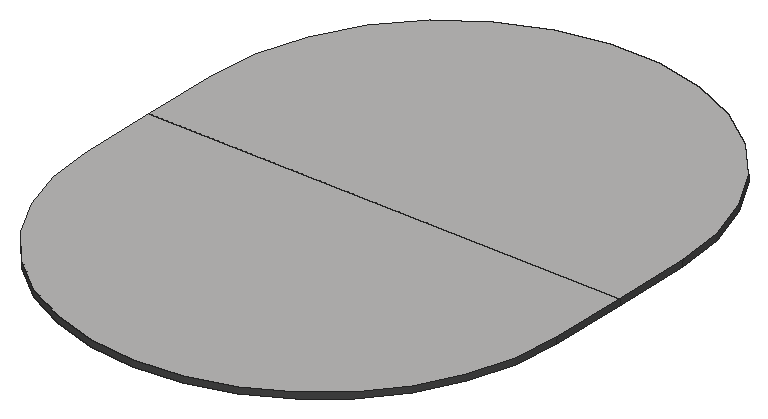
Revit family "22M 60 Elongated", category Furniture, Revit 2016
Family settings
  OmniClass Number = 23.40.20.00
  OmniClass Title = General Furniture and Specialties
  Work Plane-Based = No
  Always vertical = Yes
  Cut with Voids When Loaded = No
  Shared = No
  Room Calculation Point = No
Parameters
  Top [instance] = Palmer Hamilton Lt Gry
  Open [instance] = yes
  Height [instance] = 2' - 5"
  Frame [instance] = Palmer Hamilton Black
  Edge [instance] = Palmer Hamilton - Edge
  Closed [instance] = not(Open)  # no
Reference planes (in)
  plane 1 "Center Front/Back": y = 0
  plane 2: z = 0
  plane 3 "Center Left/Right": x = 0
  plane 4: z = 29
  plane 5: z = 28.1875
  plane 6: z = 26.0625
Forms (in)
  Extrusion 1, solid, material "Palmer Hamilton Black" <- "Frame", visible <- "Open"
    sketch origin (0, 0, 0) x (1, 0, 0) y (0, 1, 0)
      loop
        line (-23.80109, -5.0625) -> (-23.80109, -8.21742) -> (-19.2566, -19.18879) -> (0, -27.16514) -> (19.2566, -19.18879) -> (23.80109, -8.21742) -> (23.80109, -5.0625) -> (23.30109, -5.0625) -> (23.30109, -8.11796) -> (18.87392, -18.80611) -> (0, -26.62394) -> (-18.87392, -18.80611) -> (-23.30109, -8.11796) -> (-23.30109, -5.0625) -> (-23.80109, -5.0625)
    from 26.0625 to 28.1875
  Extrusion 2, solid, visible <- "Open"
    sketch origin (0, 0, 0) x (1, 0, 0) y (0, 1, 0)
      loop
        arc (-30, -10) -> (0, -40) -> (30, -10) r 30
        line (30, -10) -> (30, -0.0625) -> (-30, -0.0625) -> (-30, -10)
    from 28.1875 to 29
  Extrusion 3, solid, material "Palmer Hamilton Black" <- "Frame", visible <- "Closed"
    sketch origin (0, 25.42381, 40.57565) x (1, 0, 0) y (0, 0.017452, 0.999848)
      loop
        line (-23.80109, -5.0625) -> (-23.80109, -8.21742) -> (-19.2566, -19.18879) -> (0, -27.16514) -> (19.2566, -19.18879) -> (23.80109, -8.21742) -> (23.80109, -5.0625) -> (23.30109, -5.0625) -> (23.30109, -8.11796) -> (18.87392, -18.80611) -> (0, -26.62394) -> (-18.87392, -18.80611) -> (-23.30109, -8.11796) -> (-23.30109, -5.0625) -> (-23.80109, -5.0625)
    from 26.0625 to 28.1875
  Extrusion 4, solid, visible <- "Closed"
    sketch origin (0, 25.42381, 40.57565) x (1, 0, 0) y (0, 0.017452, 0.999848)
      loop
        arc (-30, -10) -> (0, -40) -> (30, -10) r 30
        line (30, -10) -> (30, -0.0625) -> (-30, -0.0625) -> (-30, -10)
    from 28.1875 to 29
  Extrusion 5, solid, material "Palmer Hamilton Black" <- "Frame", visible <- "Open"
    sketch origin (0, 0, 0) x (-1, 0, 0) y (0, -1, 0)
      loop
        line (-23.80109, -5.0625) -> (-23.80109, -8.21742) -> (-19.2566, -19.18879) -> (0, -27.16514) -> (19.2566, -19.18879) -> (23.80109, -8.21742) -> (23.80109, -5.0625) -> (23.30109, -5.0625) -> (23.30109, -8.11796) -> (18.87392, -18.80611) -> (0, -26.62394) -> (-18.87392, -18.80611) -> (-23.30109, -8.11796) -> (-23.30109, -5.0625) -> (-23.80109, -5.0625)
    from 26.0625 to 28.1875
  Extrusion 6, solid, visible <- "Open"
    sketch origin (0, 0, 0) x (-1, 0, 0) y (0, -1, 0)
      loop
        arc (-30, -10) -> (0, -40) -> (30, -10) r 30
        line (30, -10) -> (30, -0.0625) -> (-30, -0.0625) -> (-30, -10)
    from 28.1875 to 29
  Extrusion 7, solid, material "Palmer Hamilton Black" <- "Frame", visible <- "Closed"
    sketch origin (0, -25.42381, 40.57565) x (-1, 0, 0) y (0, -0.017452, 0.999848)
      loop
        line (-23.80109, -5.0625) -> (-23.80109, -8.21742) -> (-19.2566, -19.18879) -> (0, -27.16514) -> (19.2566, -19.18879) -> (23.80109, -8.21742) -> (23.80109, -5.0625) -> (23.30109, -5.0625) -> (23.30109, -8.11796) -> (18.87392, -18.80611) -> (0, -26.62394) -> (-18.87392, -18.80611) -> (-23.30109, -8.11796) -> (-23.30109, -5.0625) -> (-23.80109, -5.0625)
    from 26.0625 to 28.1875
  Extrusion 8, solid, visible <- "Closed"
    sketch origin (0, -25.42381, 40.57565) x (-1, 0, 0) y (0, -0.017452, 0.999848)
      loop
        arc (-30, -10) -> (0, -40) -> (30, -10) r 30
        line (30, -10) -> (30, -0.0625) -> (-30, -0.0625) -> (-30, -10)
    from 28.1875 to 29
  Extrusion 9, solid, material "Palmer Hamilton Black" <- "Frame", visible <- "Open"
    sketch origin (0, -0.04778, 5) x (0, 1, 0) y (0, 0, 1)
      loop
        line (0.5625, 20.44279) -> (0.5625, 22.17483) -> (-1.05432, 22.17483) -> (-1.05432, 22.61495) -> (-2.319, 22.61495) -> (-2.319, 23.1875) -> (-7.8464, 23.1875) -> (-7.8464, 21.04911) -> (-4.819, 21.04911) -> (-4.12777, 20.56511) -> (-2.19922, 20.56511)
        arc (-2.19922, 20.56511) -> (-1.96819, 20.47396) -> (-1.80353, 20.28804) r 0.53311
        line (-1.80353, 20.28804) -> (-1.74766, 20.07952)
        arc (-1.74766, 20.07952) -> (-1.6893, 19.93864) -> (-1.54842, 19.88029) r 0.19923
        line (-1.54842, 19.88029) -> (0, 19.88029)
        arc (0, 19.88029) -> (0.39775, 20.04504) -> (0.5625, 20.44279) r 0.5625
    from 23.6148 to 23.7344
  Extrusion 10, solid, material "Palmer Hamilton Black" <- "Frame", visible <- "Closed"
    sketch origin (0, 23.38594, 40.67249) x (0, 0.017452, 0.999848) y (0, -0.999848, 0.017452)
      loop
        line (-2.43704, 23.39043) -> (-2.43704, 25.12248) -> (-4.05386, 25.12248) -> (-4.05386, 25.5626) -> (-5.31854, 25.5626) -> (-5.31854, 26.13514) -> (-14.81854, 26.13514) -> (-14.81854, 23.99675) -> (-7.81854, 23.99675) -> (-7.12731, 23.51275) -> (-5.19876, 23.51275)
        arc (-5.19876, 23.51275) -> (-4.96774, 23.4216) -> (-4.80307, 23.23569) r 0.53311
        line (-4.80307, 23.23569) -> (-4.7472, 23.02716)
        arc (-4.7472, 23.02716) -> (-4.68885, 22.88628) -> (-4.54797, 22.82793) r 0.19923
        line (-4.54797, 22.82793) -> (-2.99954, 22.82793)
        arc (-2.99954, 22.82793) -> (-2.6018, 22.99268) -> (-2.43704, 23.39043) r 0.5625
    from 23.6148 to 23.7344
  Extrusion 11, solid, material "Palmer Hamilton Black" <- "Frame", visible <- "Open"
    sketch origin (0, -0.04778, 5) x (0, -1, 0) y (0, 0, 1)
      loop
        line (0.5625, 20.44279) -> (0.5625, 22.17483) -> (-1.05432, 22.17483) -> (-1.05432, 22.61495) -> (-2.319, 22.61495) -> (-2.319, 23.1875) -> (-8.14134, 23.1875) -> (-8.14134, 21.04911) -> (-4.819, 21.04911) -> (-4.12777, 20.56511) -> (-2.19922, 20.56511)
        arc (-2.19922, 20.56511) -> (-1.96819, 20.47396) -> (-1.80353, 20.28804) r 0.53311
        line (-1.80353, 20.28804) -> (-1.74766, 20.07952)
        arc (-1.74766, 20.07952) -> (-1.6893, 19.93864) -> (-1.54842, 19.88029) r 0.19923
        line (-1.54842, 19.88029) -> (0, 19.88029)
        arc (0, 19.88029) -> (0.39775, 20.04504) -> (0.5625, 20.44279) r 0.5625
    from -23.8544 to -23.7344
  Extrusion 12, solid, material "Palmer Hamilton Black" <- "Frame", visible <- "Closed"
    sketch origin (0, -23.48151, 40.67249) x (0, -0.017452, 0.999848) y (0, 0.999848, 0.017452)
      loop
        line (-2.43704, 23.39043) -> (-2.43704, 25.12248) -> (-4.05386, 25.12248) -> (-4.05386, 25.5626) -> (-5.31854, 25.5626) -> (-5.31854, 26.13514) -> (-14.81854, 26.13514) -> (-14.81854, 23.99675) -> (-7.81854, 23.99675) -> (-7.12731, 23.51275) -> (-5.19876, 23.51275)
        arc (-5.19876, 23.51275) -> (-4.96774, 23.4216) -> (-4.80307, 23.23569) r 0.53311
        line (-4.80307, 23.23569) -> (-4.7472, 23.02716)
        arc (-4.7472, 23.02716) -> (-4.68885, 22.88628) -> (-4.54797, 22.82793) r 0.19923
        line (-4.54797, 22.82793) -> (-2.99954, 22.82793)
        arc (-2.99954, 22.82793) -> (-2.6018, 22.99268) -> (-2.43704, 23.39043) r 0.5625
    from -23.8544 to -23.7344
  Extrusion 13, solid, material "Palmer Hamilton Black" <- "Frame", visible <- "Open"
    sketch origin (0, -0.04778, 5) x (0, 1, 0) y (0, 0, 1)
      loop
        line (0.5625, 20.44279) -> (0.5625, 22.17483) -> (-1.05432, 22.17483) -> (-1.05432, 22.61495) -> (-2.319, 22.61495) -> (-2.319, 23.1875) -> (-7.8464, 23.1875) -> (-7.8464, 21.04911) -> (-4.819, 21.04911) -> (-4.12777, 20.56511) -> (-2.19922, 20.56511)
        arc (-2.19922, 20.56511) -> (-1.96819, 20.47396) -> (-1.80353, 20.28804) r 0.53311
        line (-1.80353, 20.28804) -> (-1.74766, 20.07952)
        arc (-1.74766, 20.07952) -> (-1.6893, 19.93864) -> (-1.54842, 19.88029) r 0.19923
        line (-1.54842, 19.88029) -> (0, 19.88029)
        arc (0, 19.88029) -> (0.39775, 20.04504) -> (0.5625, 20.44279) r 0.5625
    from 17.25 to 17.375
  Extrusion 14, solid, material "Palmer Hamilton Black" <- "Frame", visible <- "Open"
    sketch origin (0, -0.04778, 5) x (0, -1, 0) y (0, 0, 1)
      loop
        line (0.5625, 20.44279) -> (0.5625, 22.17483) -> (-1.05432, 22.17483) -> (-1.05432, 22.61495) -> (-2.319, 22.61495) -> (-2.319, 23.1875) -> (-8.14134, 23.1875) -> (-8.14134, 21.04911) -> (-4.819, 21.04911) -> (-4.12777, 20.56511) -> (-2.19922, 20.56511)
        arc (-2.19922, 20.56511) -> (-1.96819, 20.47396) -> (-1.80353, 20.28804) r 0.53311
        line (-1.80353, 20.28804) -> (-1.74766, 20.07952)
        arc (-1.74766, 20.07952) -> (-1.6893, 19.93864) -> (-1.54842, 19.88029) r 0.19923
        line (-1.54842, 19.88029) -> (0, 19.88029)
        arc (0, 19.88029) -> (0.39775, 20.04504) -> (0.5625, 20.44279) r 0.5625
    from -17.5 to -17.375
  Extrusion 15, solid, material "Palmer Hamilton Black" <- "Frame", visible <- "Closed"
    sketch origin (0, 23.38594, 40.67249) x (0, 0.017452, 0.999848) y (0, -0.999848, 0.017452)
      loop
        line (-2.43704, 23.39043) -> (-2.43704, 25.12248) -> (-4.05386, 25.12248) -> (-4.05386, 25.5626) -> (-5.31854, 25.5626) -> (-5.31854, 26.13514) -> (-14.81854, 26.13514) -> (-14.81854, 23.99675) -> (-7.81854, 23.99675) -> (-7.12731, 23.51275) -> (-5.19876, 23.51275)
        arc (-5.19876, 23.51275) -> (-4.96774, 23.4216) -> (-4.80307, 23.23569) r 0.53311
        line (-4.80307, 23.23569) -> (-4.7472, 23.02716)
        arc (-4.7472, 23.02716) -> (-4.68885, 22.88628) -> (-4.54797, 22.82793) r 0.19923
        line (-4.54797, 22.82793) -> (-2.99954, 22.82793)
        arc (-2.99954, 22.82793) -> (-2.6018, 22.99268) -> (-2.43704, 23.39043) r 0.5625
    from 17.25 to 17.375
  Extrusion 16, solid, material "Palmer Hamilton Black" <- "Frame", visible <- "Closed"
    sketch origin (0, -23.48151, 40.67249) x (0, -0.017452, 0.999848) y (0, 0.999848, 0.017452)
      loop
        line (-2.43704, 23.39043) -> (-2.43704, 25.12248) -> (-4.05386, 25.12248) -> (-4.05386, 25.5626) -> (-5.31854, 25.5626) -> (-5.31854, 26.13514) -> (-14.81854, 26.13514) -> (-14.81854, 23.99675) -> (-7.81854, 23.99675) -> (-7.12731, 23.51275) -> (-5.19876, 23.51275)
        arc (-5.19876, 23.51275) -> (-4.96774, 23.4216) -> (-4.80307, 23.23569) r 0.53311
        line (-4.80307, 23.23569) -> (-4.7472, 23.02716)
        arc (-4.7472, 23.02716) -> (-4.68885, 22.88628) -> (-4.54797, 22.82793) r 0.19923
        line (-4.54797, 22.82793) -> (-2.99954, 22.82793)
        arc (-2.99954, 22.82793) -> (-2.6018, 22.99268) -> (-2.43704, 23.39043) r 0.5625
    from -17.5 to -17.375
  Extrusion 17, solid, material "Palmer Hamilton Black" <- "Frame", visible <- "Closed"
    sketch origin (0, -23.48151, 40.67249) x (0, -0.017452, 0.999848) y (0, 0.999848, 0.017452)
      loop
        line (-2.43704, 23.39043) -> (-2.43704, 25.12248) -> (-4.05386, 25.12248) -> (-4.05386, 25.5626) -> (-5.31854, 25.5626) -> (-5.31854, 26.13514) -> (-14.81854, 26.13514) -> (-14.81854, 23.99675) -> (-7.81854, 23.99675) -> (-7.12731, 23.51275) -> (-5.19876, 23.51275)
        arc (-5.19876, 23.51275) -> (-4.96774, 23.4216) -> (-4.80307, 23.23569) r 0.53311
        line (-4.80307, 23.23569) -> (-4.7472, 23.02716)
        arc (-4.7472, 23.02716) -> (-4.68885, 22.88628) -> (-4.54797, 22.82793) r 0.19923
        line (-4.54797, 22.82793) -> (-2.99954, 22.82793)
        arc (-2.99954, 22.82793) -> (-2.6018, 22.99268) -> (-2.43704, 23.39043) r 0.5625
    from -12.1671 to -12.0625
  Extrusion 18, solid, material "Palmer Hamilton Black" <- "Frame", visible <- "Open"
    sketch origin (0, -0.04778, 5) x (0, -1, 0) y (0, 0, 1)
      loop
        line (0.5625, 20.44279) -> (0.5625, 22.17483) -> (-1.05432, 22.17483) -> (-1.05432, 22.61495) -> (-2.319, 22.61495) -> (-2.319, 23.1875) -> (-8.14134, 23.1875) -> (-8.14134, 21.04911) -> (-4.819, 21.04911) -> (-4.12777, 20.56511) -> (-2.19922, 20.56511)
        arc (-2.19922, 20.56511) -> (-1.96819, 20.47396) -> (-1.80353, 20.28804) r 0.53311
        line (-1.80353, 20.28804) -> (-1.74766, 20.07952)
        arc (-1.74766, 20.07952) -> (-1.6893, 19.93864) -> (-1.54842, 19.88029) r 0.19923
        line (-1.54842, 19.88029) -> (0, 19.88029)
        arc (0, 19.88029) -> (0.39775, 20.04504) -> (0.5625, 20.44279) r 0.5625
    from -12.1671 to -12.0625
  Extrusion 19, solid, material "Palmer Hamilton Black" <- "Frame", visible <- "Open"
    sketch origin (0, -0.04778, 5) x (0, 1, 0) y (0, 0, -1)
      loop
        arc (0.5625, -20.44279) -> (0.39775, -20.04504) -> (0, -19.88029) r 0.5625
        line (0, -19.88029) -> (-1.54842, -19.88029)
        arc (-1.54842, -19.88029) -> (-1.6893, -19.93864) -> (-1.74766, -20.07952) r 0.19923
        line (-1.74766, -20.07952) -> (-1.80353, -20.28804)
        arc (-1.80353, -20.28804) -> (-1.96819, -20.47396) -> (-2.19922, -20.56511) r 0.53311
        line (-2.19922, -20.56511) -> (-4.12777, -20.56511) -> (-4.819, -21.04911) -> (-7.8464, -21.04911) -> (-7.8464, -23.1875) -> (-2.319, -23.1875) -> (-2.319, -22.61495) -> (-1.05432, -22.61495) -> (-1.05432, -22.17483) -> (0.5625, -22.17483) -> (0.5625, -20.44279)
    from 23.6148 to 23.7344
  Extrusion 20, solid, material "Palmer Hamilton Black" <- "Frame", visible <- "Open"
    sketch origin (0, -0.04778, 5) x (0, -1, 0) y (0, 0, -1)
      loop
        arc (0.5625, -20.44279) -> (0.39775, -20.04504) -> (0, -19.88029) r 0.5625
        line (0, -19.88029) -> (-1.54842, -19.88029)
        arc (-1.54842, -19.88029) -> (-1.6893, -19.93864) -> (-1.74766, -20.07952) r 0.19923
        line (-1.74766, -20.07952) -> (-1.80353, -20.28804)
        arc (-1.80353, -20.28804) -> (-1.96819, -20.47396) -> (-2.19922, -20.56511) r 0.53311
        line (-2.19922, -20.56511) -> (-4.12777, -20.56511) -> (-4.819, -21.04911) -> (-8.14134, -21.04911) -> (-8.14134, -23.1875) -> (-2.319, -23.1875) -> (-2.319, -22.61495) -> (-1.05432, -22.61495) -> (-1.05432, -22.17483) -> (0.5625, -22.17483) -> (0.5625, -20.44279)
    from -23.8544 to -23.7344
  Extrusion 21, solid, material "Palmer Hamilton Black" <- "Frame", visible <- "Open"
    sketch origin (0, -0.04778, 5) x (0, 1, 0) y (0, 0, -1)
      loop
        arc (0.5625, -20.44279) -> (0.39775, -20.04504) -> (0, -19.88029) r 0.5625
        line (0, -19.88029) -> (-1.54842, -19.88029)
        arc (-1.54842, -19.88029) -> (-1.6893, -19.93864) -> (-1.74766, -20.07952) r 0.19923
        line (-1.74766, -20.07952) -> (-1.80353, -20.28804)
        arc (-1.80353, -20.28804) -> (-1.96819, -20.47396) -> (-2.19922, -20.56511) r 0.53311
        line (-2.19922, -20.56511) -> (-4.12777, -20.56511) -> (-4.819, -21.04911) -> (-7.8464, -21.04911) -> (-7.8464, -23.1875) -> (-2.319, -23.1875) -> (-2.319, -22.61495) -> (-1.05432, -22.61495) -> (-1.05432, -22.17483) -> (0.5625, -22.17483) -> (0.5625, -20.44279)
    from 17.25 to 17.375
  Extrusion 22, solid, material "Palmer Hamilton Black" <- "Frame", visible <- "Open"
    sketch origin (0, -0.04778, 5) x (0, -1, 0) y (0, 0, -1)
      loop
        arc (0.5625, -20.44279) -> (0.39775, -20.04504) -> (0, -19.88029) r 0.5625
        line (0, -19.88029) -> (-1.54842, -19.88029)
        arc (-1.54842, -19.88029) -> (-1.6893, -19.93864) -> (-1.74766, -20.07952) r 0.19923
        line (-1.74766, -20.07952) -> (-1.80353, -20.28804)
        arc (-1.80353, -20.28804) -> (-1.96819, -20.47396) -> (-2.19922, -20.56511) r 0.53311
        line (-2.19922, -20.56511) -> (-4.12777, -20.56511) -> (-4.819, -21.04911) -> (-8.14134, -21.04911) -> (-8.14134, -23.1875) -> (-2.319, -23.1875) -> (-2.319, -22.61495) -> (-1.05432, -22.61495) -> (-1.05432, -22.17483) -> (0.5625, -22.17483) -> (0.5625, -20.44279)
    from -17.5 to -17.375
  Extrusion 23, solid, material "Palmer Hamilton Black" <- "Frame", visible <- "Closed"
    sketch origin (0, -23.48151, 40.67249) x (0, -0.017452, 0.999848) y (0, -0.999848, -0.017452)
      loop
        arc (-2.43704, -23.39043) -> (-2.6018, -22.99268) -> (-2.99954, -22.82793) r 0.5625
        line (-2.99954, -22.82793) -> (-4.54797, -22.82793)
        arc (-4.54797, -22.82793) -> (-4.68885, -22.88628) -> (-4.7472, -23.02716) r 0.19923
        line (-4.7472, -23.02716) -> (-4.80307, -23.23569)
        arc (-4.80307, -23.23569) -> (-4.96774, -23.4216) -> (-5.19876, -23.51275) r 0.53311
        line (-5.19876, -23.51275) -> (-7.12731, -23.51275) -> (-7.81854, -23.99675) -> (-14.81854, -23.99675) -> (-14.81854, -26.13514) -> (-5.31854, -26.13514) -> (-5.31854, -25.5626) -> (-4.05386, -25.5626) -> (-4.05386, -25.12248) -> (-2.43704, -25.12248) -> (-2.43704, -23.39043)
    from -12.1671 to -12.0625
  Extrusion 24, solid, material "Palmer Hamilton Black" <- "Frame", visible <- "Open"
    sketch origin (0, -0.04778, 5) x (0, -1, 0) y (0, 0, -1)
      loop
        arc (0.5625, -20.44279) -> (0.39775, -20.04504) -> (0, -19.88029) r 0.5625
        line (0, -19.88029) -> (-1.54842, -19.88029)
        arc (-1.54842, -19.88029) -> (-1.6893, -19.93864) -> (-1.74766, -20.07952) r 0.19923
        line (-1.74766, -20.07952) -> (-1.80353, -20.28804)
        arc (-1.80353, -20.28804) -> (-1.96819, -20.47396) -> (-2.19922, -20.56511) r 0.53311
        line (-2.19922, -20.56511) -> (-4.12777, -20.56511) -> (-4.819, -21.04911) -> (-8.14134, -21.04911) -> (-8.14134, -23.1875) -> (-2.319, -23.1875) -> (-2.319, -22.61495) -> (-1.05432, -22.61495) -> (-1.05432, -22.17483) -> (0.5625, -22.17483) -> (0.5625, -20.44279)
    from -12.1671 to -12.0625
  Extrusion 25, solid, material "Palmer Hamilton Black" <- "Frame", visible <- "Closed"
    sketch origin (0, 23.38594, 40.67249) x (0, 0.017452, 0.999848) y (0, 0.999848, -0.017452)
      loop
        arc (-2.43704, -23.39043) -> (-2.6018, -22.99268) -> (-2.99954, -22.82793) r 0.5625
        line (-2.99954, -22.82793) -> (-4.54797, -22.82793)
        arc (-4.54797, -22.82793) -> (-4.68885, -22.88628) -> (-4.7472, -23.02716) r 0.19923
        line (-4.7472, -23.02716) -> (-4.80307, -23.23569)
        arc (-4.80307, -23.23569) -> (-4.96774, -23.4216) -> (-5.19876, -23.51275) r 0.53311
        line (-5.19876, -23.51275) -> (-7.12731, -23.51275) -> (-7.81854, -23.99675) -> (-14.81854, -23.99675) -> (-14.81854, -26.13514) -> (-5.31854, -26.13514) -> (-5.31854, -25.5626) -> (-4.05386, -25.5626) -> (-4.05386, -25.12248) -> (-2.43704, -25.12248) -> (-2.43704, -23.39043)
    from 23.6148 to 23.7344
  Extrusion 26, solid, material "Palmer Hamilton Black" <- "Frame", visible <- "Closed"
    sketch origin (0, -23.48151, 40.67249) x (0, -0.017452, 0.999848) y (0, -0.999848, -0.017452)
      loop
        arc (-2.43704, -23.39043) -> (-2.6018, -22.99268) -> (-2.99954, -22.82793) r 0.5625
        line (-2.99954, -22.82793) -> (-4.54797, -22.82793)
        arc (-4.54797, -22.82793) -> (-4.68885, -22.88628) -> (-4.7472, -23.02716) r 0.19923
        line (-4.7472, -23.02716) -> (-4.80307, -23.23569)
        arc (-4.80307, -23.23569) -> (-4.96774, -23.4216) -> (-5.19876, -23.51275) r 0.53311
        line (-5.19876, -23.51275) -> (-7.12731, -23.51275) -> (-7.81854, -23.99675) -> (-14.81854, -23.99675) -> (-14.81854, -26.13514) -> (-5.31854, -26.13514) -> (-5.31854, -25.5626) -> (-4.05386, -25.5626) -> (-4.05386, -25.12248) -> (-2.43704, -25.12248) -> (-2.43704, -23.39043)
    from -23.8544 to -23.7344
  Extrusion 27, solid, material "Palmer Hamilton Black" <- "Frame", visible <- "Closed"
    sketch origin (0, 23.38594, 40.67249) x (0, 0.017452, 0.999848) y (0, 0.999848, -0.017452)
      loop
        arc (-2.43704, -23.39043) -> (-2.6018, -22.99268) -> (-2.99954, -22.82793) r 0.5625
        line (-2.99954, -22.82793) -> (-4.54797, -22.82793)
        arc (-4.54797, -22.82793) -> (-4.68885, -22.88628) -> (-4.7472, -23.02716) r 0.19923
        line (-4.7472, -23.02716) -> (-4.80307, -23.23569)
        arc (-4.80307, -23.23569) -> (-4.96774, -23.4216) -> (-5.19876, -23.51275) r 0.53311
        line (-5.19876, -23.51275) -> (-7.12731, -23.51275) -> (-7.81854, -23.99675) -> (-14.81854, -23.99675) -> (-14.81854, -26.13514) -> (-5.31854, -26.13514) -> (-5.31854, -25.5626) -> (-4.05386, -25.5626) -> (-4.05386, -25.12248) -> (-2.43704, -25.12248) -> (-2.43704, -23.39043)
    from 17.25 to 17.375
  Extrusion 28, solid, material "Palmer Hamilton Black" <- "Frame", visible <- "Closed"
    sketch origin (0, -23.48151, 40.67249) x (0, -0.017452, 0.999848) y (0, -0.999848, -0.017452)
      loop
        arc (-2.43704, -23.39043) -> (-2.6018, -22.99268) -> (-2.99954, -22.82793) r 0.5625
        line (-2.99954, -22.82793) -> (-4.54797, -22.82793)
        arc (-4.54797, -22.82793) -> (-4.68885, -22.88628) -> (-4.7472, -23.02716) r 0.19923
        line (-4.7472, -23.02716) -> (-4.80307, -23.23569)
        arc (-4.80307, -23.23569) -> (-4.96774, -23.4216) -> (-5.19876, -23.51275) r 0.53311
        line (-5.19876, -23.51275) -> (-7.12731, -23.51275) -> (-7.81854, -23.99675) -> (-14.81854, -23.99675) -> (-14.81854, -26.13514) -> (-5.31854, -26.13514) -> (-5.31854, -25.5626) -> (-4.05386, -25.5626) -> (-4.05386, -25.12248) -> (-2.43704, -25.12248) -> (-2.43704, -23.39043)
    from -17.5 to -17.375
Dimensions and locks (in)
  locked: plane 5 to plane 6 at 2.125
  locked: plane 4 to plane 5 at 0.8125
  "Height": plane 4 to level
  aligned and locked: level to plane 2
  aligned and locked: plane 5 to Extrusion 1
  aligned and locked: Extrusion 1 to plane 6
  aligned and locked: plane 4 to Extrusion 2
  aligned and locked: Extrusion 2 to plane 5
  aligned and locked: plane 4 to Extrusion 6
  aligned and locked: Extrusion 6 to plane 5
  aligned and locked: Extrusion 5 to plane 6
  aligned and locked: plane 5 to Extrusion 5
Automatic sketch dimensions
  Extrusion 1 sketch curve to plane 3 "Center Left/Right" = 0' - 0"  (x2)
  Extrusion 1 sketch curve to plane 3 "Center Left/Right" = 1' - 6.87392"
  Extrusion 1 sketch curve to Extrusion 1 sketch curve = 0' - 0.38268"  (x4)
  plane 1 "Center Front/Back" to Extrusion 1 sketch curve = 0' - 8.11796"
  Extrusion 1 sketch curve to Extrusion 1 sketch curve = 0' - 4.42718"  (x2)
  plane 1 "Center Front/Back" to Extrusion 1 sketch curve = 0' - 8.21742"
  Extrusion 1 sketch curve to Extrusion 1 sketch curve = 0' - 0 1/2"  (x2)
  plane 3 "Center Left/Right" to Extrusion 1 sketch curve = 1' - 6.87392"
  plane 1 "Center Front/Back" to Extrusion 1 sketch curve = 0' - 5 1/16"
  Extrusion 1 sketch curve to Extrusion 1 sketch curve = 1' - 1.74361"
  Extrusion 1 sketch curve to Extrusion 1 sketch curve = 0' - 10.68815"
  Extrusion 1 sketch curve to Extrusion 1 sketch curve = 0' - 7.81783"
  Extrusion 1 sketch curve to Extrusion 1 sketch curve = 0' - 0.5412"
  Extrusion 1 sketch curve to Extrusion 1 sketch curve = 0' - 3.15492"
  Extrusion 1 sketch curve to Extrusion 1 sketch curve = 0' - 0.09946"
  Extrusion 1 sketch curve to Extrusion 1 sketch curve = 0' - 3.05546"
  Extrusion 2 sketch curve to plane 3 "Center Left/Right" = 0' - 0"
  plane 1 "Center Front/Back" to Extrusion 2 sketch curve = 0' - 0 1/16"
  Extrusion 2 sketch curve to plane 3 "Center Left/Right" = 2' - 6"
  Extrusion 2 sketch curve to Extrusion 2 sketch curve = 0' - 9 15/16"  (x2)
  Extrusion 3 sketch curve to plane 3 "Center Left/Right" = 0' - 0"  (x2)
  Extrusion 3 sketch curve to plane 3 "Center Left/Right" = 1' - 6.87392"
  Extrusion 3 sketch curve to Extrusion 3 sketch curve = 0' - 0.38268"  (x4)
  Extrusion 3 sketch curve to Extrusion 3 sketch curve = 0' - 4.42718"  (x2)
  Extrusion 3 sketch curve to Extrusion 3 sketch curve = 0' - 0 1/2"  (x2)
  plane 3 "Center Left/Right" to Extrusion 3 sketch curve = 1' - 6.87392"
  Extrusion 3 sketch curve to Extrusion 3 sketch curve = 0' - 0.5412"
  Extrusion 3 sketch curve to Extrusion 3 sketch curve = 0' - 7.43515"  (x2)
  Extrusion 3 sketch curve to Extrusion 3 sketch curve = 0' - 10.58869"  (x2)
  Extrusion 3 sketch curve to Extrusion 3 sketch curve = 0' - 0.09946"  (x2)
  Extrusion 3 sketch curve to Extrusion 3 sketch curve = 0' - 3.05546"  (x2)
  Extrusion 4 sketch curve to plane 3 "Center Left/Right" = 0' - 0"
  Extrusion 4 sketch curve to plane 3 "Center Left/Right" = 2' - 6"
  Extrusion 4 sketch curve to Extrusion 4 sketch curve = 0' - 9 15/16"
  Extrusion 4 sketch curve to Extrusion 4 sketch curve = 0' - 0"
  Extrusion 5 sketch curve to plane 3 "Center Left/Right" = 0' - 0"  (x2)
  plane 3 "Center Left/Right" to Extrusion 5 sketch curve = 1' - 6.87392"
  Extrusion 5 sketch curve to Extrusion 5 sketch curve = 0' - 0.38268"  (x4)
  Extrusion 5 sketch curve to plane 1 "Center Front/Back" = 0' - 8.11796"
  Extrusion 5 sketch curve to Extrusion 5 sketch curve = 0' - 4.42718"  (x2)
  Extrusion 5 sketch curve to Extrusion 5 sketch curve = 0' - 0 1/2"  (x2)
  Extrusion 5 sketch curve to plane 3 "Center Left/Right" = 1' - 6.87392"
  Extrusion 5 sketch curve to plane 1 "Center Front/Back" = 0' - 5 1/16"
  Extrusion 5 sketch curve to Extrusion 5 sketch curve = 0' - 3.05546"  (x2)
  Extrusion 5 sketch curve to Extrusion 5 sketch curve = 0' - 0.09946"  (x2)
  Extrusion 5 sketch curve to Extrusion 5 sketch curve = 0' - 10.68815"  (x2)
  Extrusion 5 sketch curve to Extrusion 5 sketch curve = 0' - 7.81783"
  Extrusion 5 sketch curve to Extrusion 5 sketch curve = 0' - 0.5412"
  Extrusion 6 sketch curve to plane 3 "Center Left/Right" = 0' - 0"
  Extrusion 6 sketch curve to plane 1 "Center Front/Back" = 0' - 0 1/16"
  plane 3 "Center Left/Right" to Extrusion 6 sketch curve = 2' - 6"
  Extrusion 6 sketch curve to Extrusion 6 sketch curve = 0' - 9 15/16"
  Extrusion 6 sketch curve to Extrusion 6 sketch curve = 0' - 0"
  Extrusion 7 sketch curve to plane 3 "Center Left/Right" = 0' - 0"  (x2)
  plane 3 "Center Left/Right" to Extrusion 7 sketch curve = 1' - 6.87392"
  Extrusion 7 sketch curve to Extrusion 7 sketch curve = 0' - 0.38268"  (x4)
  Extrusion 7 sketch curve to Extrusion 7 sketch curve = 0' - 4.42718"  (x2)
  Extrusion 7 sketch curve to Extrusion 7 sketch curve = 0' - 0 1/2"  (x2)
  Extrusion 7 sketch curve to plane 3 "Center Left/Right" = 1' - 6.87392"
  Extrusion 7 sketch curve to Extrusion 7 sketch curve = 0' - 0.5412"
  Extrusion 7 sketch curve to Extrusion 7 sketch curve = 0' - 7.43515"  (x2)
  Extrusion 7 sketch curve to Extrusion 7 sketch curve = 0' - 10.58869"  (x2)
  Extrusion 7 sketch curve to Extrusion 7 sketch curve = 0' - 0.09946"  (x2)
  Extrusion 7 sketch curve to Extrusion 7 sketch curve = 0' - 3.05546"  (x2)
  Extrusion 8 sketch curve to plane 3 "Center Left/Right" = 0' - 0"
  plane 3 "Center Left/Right" to Extrusion 8 sketch curve = 2' - 6"
  Extrusion 8 sketch curve to Extrusion 8 sketch curve = 0' - 9 15/16"
  Extrusion 8 sketch curve to Extrusion 8 sketch curve = 0' - 0"
  plane 1 "Center Front/Back" to Extrusion 9 sketch curve = 0' - 7.89419"
  Extrusion 9 sketch curve to Extrusion 9 sketch curve = 0' - 3.0274"
  Extrusion 9 sketch curve to Extrusion 9 sketch curve = 0' - 0.69123"
  plane 1 "Center Front/Back" to Extrusion 9 sketch curve = 0' - 2.36678"
  Extrusion 9 sketch curve to Extrusion 9 sketch curve = 0' - 1.8538"
  Extrusion 9 sketch curve to Extrusion 9 sketch curve = 0' - 0.07475"
  Extrusion 9 sketch curve to Extrusion 9 sketch curve = 0' - 0.39569"
  Extrusion 9 sketch curve to Extrusion 9 sketch curve = 0' - 0.05587"
  Extrusion 9 sketch curve to Extrusion 9 sketch curve = 0' - 0 51/256"
  plane 1 "Center Front/Back" to Extrusion 9 sketch curve = 0' - 1.1021"
  plane 1 "Center Front/Back" to Extrusion 9 sketch curve = 0' - 0.04778"
  Extrusion 9 sketch curve to plane 1 "Center Front/Back" = 0' - 0.51472"
  Extrusion 9 sketch curve to plane 6 = 0' - 1.18221"
  Extrusion 9 sketch curve to Extrusion 9 sketch curve = 0' - 0.04225"
  Extrusion 9 sketch curve to Extrusion 9 sketch curve = 0' - 0.20852"
  Extrusion 9 sketch curve to Extrusion 9 sketch curve = 0' - 0.484"
  Extrusion 9 sketch curve to Extrusion 9 sketch curve = 0' - 1.73205"
  Extrusion 9 sketch curve to Extrusion 9 sketch curve = 0' - 0.44012"
  Extrusion 9 sketch curve to Extrusion 9 sketch curve = 0' - 0.57255"
  plane 1 "Center Front/Back" to Extrusion 10 sketch curve = 0' - 0.86578"
  plane 6 to Extrusion 10 sketch curve = 0' - 0.2125"
  Extrusion 10 sketch curve to Extrusion 10 sketch curve = 0' - 7"
  Extrusion 10 sketch curve to Extrusion 10 sketch curve = 0' - 0.69123"
  Extrusion 10 sketch curve to Extrusion 10 sketch curve = 0' - 1.80877"
  Extrusion 10 sketch curve to Extrusion 10 sketch curve = 0' - 1.8538"
  Extrusion 10 sketch curve to Extrusion 10 sketch curve = 0' - 0.07475"
  Extrusion 10 sketch curve to Extrusion 10 sketch curve = 0' - 0.39569"
  Extrusion 10 sketch curve to Extrusion 10 sketch curve = 0' - 0.05587"
  Extrusion 10 sketch curve to Extrusion 10 sketch curve = 0' - 0 51/256"
  Extrusion 10 sketch curve to Extrusion 10 sketch curve = 0' - 1.26468"
  Extrusion 10 sketch curve to Extrusion 10 sketch curve = 0' - 1.54842"
  Extrusion 10 sketch curve to Extrusion 10 sketch curve = 0' - 1.61682"
  Extrusion 10 sketch curve to Extrusion 10 sketch curve = 0' - 0.484"
  Extrusion 10 sketch curve to Extrusion 10 sketch curve = 0' - 0.12232"
  Extrusion 10 sketch curve to Extrusion 10 sketch curve = 0' - 0.20852"
  Extrusion 10 sketch curve to Extrusion 10 sketch curve = 0' - 1.73205"
  Extrusion 10 sketch curve to Extrusion 10 sketch curve = 0' - 0.44012"
  Extrusion 10 sketch curve to Extrusion 10 sketch curve = 0' - 0.57255"
  Extrusion 11 sketch curve to plane 1 "Center Front/Back" = 0' - 8.09355"
  Extrusion 11 sketch curve to Extrusion 11 sketch curve = 0' - 3.32234"
  Extrusion 11 sketch curve to Extrusion 11 sketch curve = 0' - 0.69123"
  Extrusion 11 sketch curve to plane 1 "Center Front/Back" = 0' - 2.27122"
  Extrusion 11 sketch curve to Extrusion 11 sketch curve = 0' - 1.8538"
  Extrusion 11 sketch curve to Extrusion 11 sketch curve = 0' - 0.07475"
  Extrusion 11 sketch curve to Extrusion 11 sketch curve = 0' - 0.39569"
  Extrusion 11 sketch curve to Extrusion 11 sketch curve = 0' - 0.05587"
  Extrusion 11 sketch curve to Extrusion 11 sketch curve = 0' - 0 51/256"
  Extrusion 11 sketch curve to plane 1 "Center Front/Back" = 0' - 1.00653"
  plane 1 "Center Front/Back" to Extrusion 11 sketch curve = 0' - 0.04778"
  plane 1 "Center Front/Back" to Extrusion 11 sketch curve = 0' - 0.61028"
  Extrusion 11 sketch curve to plane 6 = 0' - 1.18221"
  Extrusion 11 sketch curve to Extrusion 11 sketch curve = 0' - 0.04225"
  Extrusion 11 sketch curve to Extrusion 11 sketch curve = 0' - 0.20852"
  Extrusion 11 sketch curve to Extrusion 11 sketch curve = 0' - 0.484"
  Extrusion 11 sketch curve to Extrusion 11 sketch curve = 0' - 1.73205"
  Extrusion 11 sketch curve to Extrusion 11 sketch curve = 0' - 0.44012"
  Extrusion 11 sketch curve to Extrusion 11 sketch curve = 0' - 0.57255"
  Extrusion 12 sketch curve to plane 1 "Center Front/Back" = 0' - 0.77021"
  plane 6 to Extrusion 12 sketch curve = 0' - 0.2125"
  Extrusion 12 sketch curve to Extrusion 12 sketch curve = 0' - 7"
  Extrusion 12 sketch curve to Extrusion 12 sketch curve = 0' - 0.69123"
  Extrusion 12 sketch curve to Extrusion 12 sketch curve = 0' - 1.80877"
  Extrusion 12 sketch curve to Extrusion 12 sketch curve = 0' - 1.8538"
  Extrusion 12 sketch curve to Extrusion 12 sketch curve = 0' - 0.07475"
  Extrusion 12 sketch curve to Extrusion 12 sketch curve = 0' - 0.39569"
  Extrusion 12 sketch curve to Extrusion 12 sketch curve = 0' - 0.05587"
  Extrusion 12 sketch curve to Extrusion 12 sketch curve = 0' - 0 51/256"
  Extrusion 12 sketch curve to Extrusion 12 sketch curve = 0' - 1.26468"
  Extrusion 12 sketch curve to Extrusion 12 sketch curve = 0' - 1.54842"
  Extrusion 12 sketch curve to Extrusion 12 sketch curve = 0' - 1.61682"
  Extrusion 12 sketch curve to Extrusion 12 sketch curve = 0' - 0.484"
  Extrusion 12 sketch curve to Extrusion 12 sketch curve = 0' - 0.12232"
  Extrusion 12 sketch curve to Extrusion 12 sketch curve = 0' - 0.20852"
  Extrusion 12 sketch curve to Extrusion 12 sketch curve = 0' - 1.73205"
  Extrusion 12 sketch curve to Extrusion 12 sketch curve = 0' - 0.44012"
  Extrusion 12 sketch curve to Extrusion 12 sketch curve = 0' - 0.57255"
  plane 1 "Center Front/Back" to Extrusion 13 sketch curve = 0' - 7.89419"
  Extrusion 13 sketch curve to Extrusion 13 sketch curve = 0' - 3.0274"
  Extrusion 13 sketch curve to Extrusion 13 sketch curve = 0' - 0.69123"
  plane 1 "Center Front/Back" to Extrusion 13 sketch curve = 0' - 2.36678"
  Extrusion 13 sketch curve to Extrusion 13 sketch curve = 0' - 1.8538"
  Extrusion 13 sketch curve to Extrusion 13 sketch curve = 0' - 0.07475"
  Extrusion 13 sketch curve to Extrusion 13 sketch curve = 0' - 0.39569"
  Extrusion 13 sketch curve to Extrusion 13 sketch curve = 0' - 0.05587"
  Extrusion 13 sketch curve to Extrusion 13 sketch curve = 0' - 0 51/256"
  plane 1 "Center Front/Back" to Extrusion 13 sketch curve = 0' - 1.1021"
  plane 1 "Center Front/Back" to Extrusion 13 sketch curve = 0' - 0.04778"
  Extrusion 13 sketch curve to plane 1 "Center Front/Back" = 0' - 0.51472"
  Extrusion 13 sketch curve to plane 6 = 0' - 1.18221"
  Extrusion 13 sketch curve to Extrusion 13 sketch curve = 0' - 0.04225"
  Extrusion 13 sketch curve to Extrusion 13 sketch curve = 0' - 0.20852"
  Extrusion 13 sketch curve to Extrusion 13 sketch curve = 0' - 0.484"
  Extrusion 13 sketch curve to Extrusion 13 sketch curve = 0' - 1.73205"
  Extrusion 13 sketch curve to Extrusion 13 sketch curve = 0' - 0.44012"
  Extrusion 13 sketch curve to Extrusion 13 sketch curve = 0' - 0.57255"
  Extrusion 14 sketch curve to plane 1 "Center Front/Back" = 0' - 8.09355"
  Extrusion 14 sketch curve to Extrusion 14 sketch curve = 0' - 3.32234"
  Extrusion 14 sketch curve to Extrusion 14 sketch curve = 0' - 0.69123"
  Extrusion 14 sketch curve to plane 1 "Center Front/Back" = 0' - 2.27122"
  Extrusion 14 sketch curve to Extrusion 14 sketch curve = 0' - 1.8538"
  Extrusion 14 sketch curve to Extrusion 14 sketch curve = 0' - 0.07475"
  Extrusion 14 sketch curve to Extrusion 14 sketch curve = 0' - 0.39569"
  Extrusion 14 sketch curve to Extrusion 14 sketch curve = 0' - 0.05587"
  Extrusion 14 sketch curve to Extrusion 14 sketch curve = 0' - 0 51/256"
  Extrusion 14 sketch curve to plane 1 "Center Front/Back" = 0' - 1.00653"
  plane 1 "Center Front/Back" to Extrusion 14 sketch curve = 0' - 0.04778"
  plane 1 "Center Front/Back" to Extrusion 14 sketch curve = 0' - 0.61028"
  Extrusion 14 sketch curve to plane 6 = 0' - 1.18221"
  Extrusion 14 sketch curve to Extrusion 14 sketch curve = 0' - 0.04225"
  Extrusion 14 sketch curve to Extrusion 14 sketch curve = 0' - 0.20852"
  Extrusion 14 sketch curve to Extrusion 14 sketch curve = 0' - 0.484"
  Extrusion 14 sketch curve to Extrusion 14 sketch curve = 0' - 1.73205"
  Extrusion 14 sketch curve to Extrusion 14 sketch curve = 0' - 0.44012"
  Extrusion 14 sketch curve to Extrusion 14 sketch curve = 0' - 0.57255"
  plane 1 "Center Front/Back" to Extrusion 15 sketch curve = 0' - 0.86578"
  plane 6 to Extrusion 15 sketch curve = 0' - 0.2125"
  Extrusion 15 sketch curve to Extrusion 15 sketch curve = 0' - 7"
  Extrusion 15 sketch curve to Extrusion 15 sketch curve = 0' - 0.69123"
  Extrusion 15 sketch curve to Extrusion 15 sketch curve = 0' - 1.80877"
  Extrusion 15 sketch curve to Extrusion 15 sketch curve = 0' - 1.8538"
  Extrusion 15 sketch curve to Extrusion 15 sketch curve = 0' - 0.07475"
  Extrusion 15 sketch curve to Extrusion 15 sketch curve = 0' - 0.39569"
  Extrusion 15 sketch curve to Extrusion 15 sketch curve = 0' - 0.05587"
  Extrusion 15 sketch curve to Extrusion 15 sketch curve = 0' - 0 51/256"
  Extrusion 15 sketch curve to Extrusion 15 sketch curve = 0' - 1.26468"
  Extrusion 15 sketch curve to Extrusion 15 sketch curve = 0' - 1.54842"
  Extrusion 15 sketch curve to Extrusion 15 sketch curve = 0' - 1.61682"
  Extrusion 15 sketch curve to Extrusion 15 sketch curve = 0' - 0.484"
  Extrusion 15 sketch curve to Extrusion 15 sketch curve = 0' - 0.12232"
  Extrusion 15 sketch curve to Extrusion 15 sketch curve = 0' - 0.20852"
  Extrusion 15 sketch curve to Extrusion 15 sketch curve = 0' - 1.73205"
  Extrusion 15 sketch curve to Extrusion 15 sketch curve = 0' - 0.44012"
  Extrusion 15 sketch curve to Extrusion 15 sketch curve = 0' - 0.57255"
  Extrusion 16 sketch curve to plane 1 "Center Front/Back" = 0' - 0.77021"
  plane 6 to Extrusion 16 sketch curve = 0' - 0.2125"
  Extrusion 16 sketch curve to Extrusion 16 sketch curve = 0' - 7"
  Extrusion 16 sketch curve to Extrusion 16 sketch curve = 0' - 0.69123"
  Extrusion 16 sketch curve to Extrusion 16 sketch curve = 0' - 1.80877"
  Extrusion 16 sketch curve to Extrusion 16 sketch curve = 0' - 1.8538"
  Extrusion 16 sketch curve to Extrusion 16 sketch curve = 0' - 0.07475"
  Extrusion 16 sketch curve to Extrusion 16 sketch curve = 0' - 0.39569"
  Extrusion 16 sketch curve to Extrusion 16 sketch curve = 0' - 0.05587"
  Extrusion 16 sketch curve to Extrusion 16 sketch curve = 0' - 0 51/256"
  Extrusion 16 sketch curve to Extrusion 16 sketch curve = 0' - 1.26468"
  Extrusion 16 sketch curve to Extrusion 16 sketch curve = 0' - 1.54842"
  Extrusion 16 sketch curve to Extrusion 16 sketch curve = 0' - 1.61682"
  Extrusion 16 sketch curve to Extrusion 16 sketch curve = 0' - 0.484"
  Extrusion 16 sketch curve to Extrusion 16 sketch curve = 0' - 0.12232"
  Extrusion 16 sketch curve to Extrusion 16 sketch curve = 0' - 0.20852"
  Extrusion 16 sketch curve to Extrusion 16 sketch curve = 0' - 1.73205"
  Extrusion 16 sketch curve to Extrusion 16 sketch curve = 0' - 0.44012"
  Extrusion 16 sketch curve to Extrusion 16 sketch curve = 0' - 0.57255"
  Extrusion 17 sketch curve to plane 1 "Center Front/Back" = 0' - 0.77021"
  plane 6 to Extrusion 17 sketch curve = 0' - 0.2125"
  Extrusion 17 sketch curve to Extrusion 17 sketch curve = 0' - 7"
  Extrusion 17 sketch curve to Extrusion 17 sketch curve = 0' - 0.69123"
  Extrusion 17 sketch curve to Extrusion 17 sketch curve = 0' - 1.80877"
  Extrusion 17 sketch curve to Extrusion 17 sketch curve = 0' - 1.8538"
  Extrusion 17 sketch curve to Extrusion 17 sketch curve = 0' - 0.07475"
  Extrusion 17 sketch curve to Extrusion 17 sketch curve = 0' - 0.39569"
  Extrusion 17 sketch curve to Extrusion 17 sketch curve = 0' - 0.05587"
  Extrusion 17 sketch curve to Extrusion 17 sketch curve = 0' - 0 51/256"
  Extrusion 17 sketch curve to Extrusion 17 sketch curve = 0' - 1.26468"
  Extrusion 17 sketch curve to Extrusion 17 sketch curve = 0' - 1.54842"
  Extrusion 17 sketch curve to Extrusion 17 sketch curve = 0' - 1.61682"
  Extrusion 17 sketch curve to Extrusion 17 sketch curve = 0' - 0.484"
  Extrusion 17 sketch curve to Extrusion 17 sketch curve = 0' - 0.12232"
  Extrusion 17 sketch curve to Extrusion 17 sketch curve = 0' - 0.20852"
  Extrusion 17 sketch curve to Extrusion 17 sketch curve = 0' - 1.73205"
  Extrusion 17 sketch curve to Extrusion 17 sketch curve = 0' - 0.44012"
  Extrusion 17 sketch curve to Extrusion 17 sketch curve = 0' - 0.57255"
  Extrusion 18 sketch curve to plane 1 "Center Front/Back" = 0' - 8.09355"
  Extrusion 18 sketch curve to Extrusion 18 sketch curve = 0' - 3.32234"
  Extrusion 18 sketch curve to Extrusion 18 sketch curve = 0' - 0.69123"
  Extrusion 18 sketch curve to plane 1 "Center Front/Back" = 0' - 2.27122"
  Extrusion 18 sketch curve to Extrusion 18 sketch curve = 0' - 1.8538"
  Extrusion 18 sketch curve to Extrusion 18 sketch curve = 0' - 0.07475"
  Extrusion 18 sketch curve to Extrusion 18 sketch curve = 0' - 0.39569"
  Extrusion 18 sketch curve to Extrusion 18 sketch curve = 0' - 0.05587"
  Extrusion 18 sketch curve to Extrusion 18 sketch curve = 0' - 0 51/256"
  Extrusion 18 sketch curve to plane 1 "Center Front/Back" = 0' - 1.00653"
  plane 1 "Center Front/Back" to Extrusion 18 sketch curve = 0' - 0.04778"
  plane 1 "Center Front/Back" to Extrusion 18 sketch curve = 0' - 0.61028"
  Extrusion 18 sketch curve to plane 6 = 0' - 1.18221"
  Extrusion 18 sketch curve to Extrusion 18 sketch curve = 0' - 0.04225"
  Extrusion 18 sketch curve to Extrusion 18 sketch curve = 0' - 0.20852"
  Extrusion 18 sketch curve to Extrusion 18 sketch curve = 0' - 0.484"
  Extrusion 18 sketch curve to Extrusion 18 sketch curve = 0' - 1.73205"
  Extrusion 18 sketch curve to Extrusion 18 sketch curve = 0' - 0.44012"
  Extrusion 18 sketch curve to Extrusion 18 sketch curve = 0' - 0.57255"
  plane 1 "Center Front/Back" to Extrusion 19 sketch curve = 0' - 7.89419"
  Extrusion 19 sketch curve to Extrusion 19 sketch curve = 0' - 3.0274"
  Extrusion 19 sketch curve to Extrusion 19 sketch curve = 0' - 0.69123"
  plane 1 "Center Front/Back" to Extrusion 19 sketch curve = 0' - 2.36678"
  Extrusion 19 sketch curve to Extrusion 19 sketch curve = 0' - 1.8538"
  Extrusion 19 sketch curve to Extrusion 19 sketch curve = 0' - 0.07475"
  Extrusion 19 sketch curve to Extrusion 19 sketch curve = 0' - 0.39569"
  Extrusion 19 sketch curve to Extrusion 19 sketch curve = 0' - 0.05587"
  Extrusion 19 sketch curve to Extrusion 19 sketch curve = 0' - 0 51/256"
  plane 1 "Center Front/Back" to Extrusion 19 sketch curve = 0' - 1.1021"
  plane 1 "Center Front/Back" to Extrusion 19 sketch curve = 0' - 0.04778"
  Extrusion 19 sketch curve to plane 1 "Center Front/Back" = 0' - 0.51472"
  plane 6 to Extrusion 19 sketch curve = 0' - 2 1/8"
  Extrusion 19 sketch curve to Extrusion 19 sketch curve = 0' - 0.57255"
  Extrusion 19 sketch curve to Extrusion 19 sketch curve = 0' - 0.44012"
  Extrusion 19 sketch curve to Extrusion 19 sketch curve = 0' - 1.56584"
  Extrusion 19 sketch curve to Extrusion 19 sketch curve = 0' - 0.484"
  Extrusion 19 sketch curve to Extrusion 19 sketch curve = 0' - 1.73205"
  Extrusion 19 sketch curve to Extrusion 19 sketch curve = 0' - 0.20852"
  Extrusion 20 sketch curve to plane 1 "Center Front/Back" = 0' - 8.09355"
  Extrusion 20 sketch curve to Extrusion 20 sketch curve = 0' - 3.32234"
  Extrusion 20 sketch curve to Extrusion 20 sketch curve = 0' - 0.69123"
  Extrusion 20 sketch curve to plane 1 "Center Front/Back" = 0' - 2.27122"
  Extrusion 20 sketch curve to Extrusion 20 sketch curve = 0' - 1.8538"
  Extrusion 20 sketch curve to Extrusion 20 sketch curve = 0' - 0.07475"
  Extrusion 20 sketch curve to Extrusion 20 sketch curve = 0' - 0.39569"
  Extrusion 20 sketch curve to Extrusion 20 sketch curve = 0' - 0.05587"
  Extrusion 20 sketch curve to Extrusion 20 sketch curve = 0' - 0 51/256"
  Extrusion 20 sketch curve to plane 1 "Center Front/Back" = 0' - 1.00653"
  plane 1 "Center Front/Back" to Extrusion 20 sketch curve = 0' - 0.04778"
  plane 1 "Center Front/Back" to Extrusion 20 sketch curve = 0' - 0.61028"
  plane 6 to Extrusion 20 sketch curve = 0' - 2 1/8"
  Extrusion 20 sketch curve to Extrusion 20 sketch curve = 0' - 0.57255"
  Extrusion 20 sketch curve to Extrusion 20 sketch curve = 0' - 0.44012"
  Extrusion 20 sketch curve to Extrusion 20 sketch curve = 0' - 1.56584"
  Extrusion 20 sketch curve to Extrusion 20 sketch curve = 0' - 0.484"
  Extrusion 20 sketch curve to Extrusion 20 sketch curve = 0' - 1.73205"
  Extrusion 20 sketch curve to Extrusion 20 sketch curve = 0' - 0.20852"
  plane 1 "Center Front/Back" to Extrusion 21 sketch curve = 0' - 7.89419"
  Extrusion 21 sketch curve to Extrusion 21 sketch curve = 0' - 3.0274"
  Extrusion 21 sketch curve to Extrusion 21 sketch curve = 0' - 0.69123"
  plane 1 "Center Front/Back" to Extrusion 21 sketch curve = 0' - 2.36678"
  Extrusion 21 sketch curve to Extrusion 21 sketch curve = 0' - 1.8538"
  Extrusion 21 sketch curve to Extrusion 21 sketch curve = 0' - 0.07475"
  Extrusion 21 sketch curve to Extrusion 21 sketch curve = 0' - 0.39569"
  Extrusion 21 sketch curve to Extrusion 21 sketch curve = 0' - 0.05587"
  Extrusion 21 sketch curve to Extrusion 21 sketch curve = 0' - 0 51/256"
  plane 1 "Center Front/Back" to Extrusion 21 sketch curve = 0' - 1.1021"
  plane 1 "Center Front/Back" to Extrusion 21 sketch curve = 0' - 0.04778"
  Extrusion 21 sketch curve to plane 1 "Center Front/Back" = 0' - 0.51472"
  plane 6 to Extrusion 21 sketch curve = 0' - 2 1/8"
  Extrusion 21 sketch curve to Extrusion 21 sketch curve = 0' - 0.57255"
  Extrusion 21 sketch curve to Extrusion 21 sketch curve = 0' - 0.44012"
  Extrusion 21 sketch curve to Extrusion 21 sketch curve = 0' - 1.56584"
  Extrusion 21 sketch curve to Extrusion 21 sketch curve = 0' - 0.484"
  Extrusion 21 sketch curve to Extrusion 21 sketch curve = 0' - 1.73205"
  Extrusion 21 sketch curve to Extrusion 21 sketch curve = 0' - 0.20852"
  Extrusion 22 sketch curve to plane 1 "Center Front/Back" = 0' - 8.09355"
  Extrusion 22 sketch curve to Extrusion 22 sketch curve = 0' - 3.32234"
  Extrusion 22 sketch curve to Extrusion 22 sketch curve = 0' - 0.69123"
  Extrusion 22 sketch curve to plane 1 "Center Front/Back" = 0' - 2.27122"
  Extrusion 22 sketch curve to Extrusion 22 sketch curve = 0' - 1.8538"
  Extrusion 22 sketch curve to Extrusion 22 sketch curve = 0' - 0.07475"
  Extrusion 22 sketch curve to Extrusion 22 sketch curve = 0' - 0.39569"
  Extrusion 22 sketch curve to Extrusion 22 sketch curve = 0' - 0.05587"
  Extrusion 22 sketch curve to Extrusion 22 sketch curve = 0' - 0 51/256"
  Extrusion 22 sketch curve to plane 1 "Center Front/Back" = 0' - 1.00653"
  plane 1 "Center Front/Back" to Extrusion 22 sketch curve = 0' - 0.04778"
  plane 1 "Center Front/Back" to Extrusion 22 sketch curve = 0' - 0.61028"
  plane 6 to Extrusion 22 sketch curve = 0' - 2 1/8"
  Extrusion 22 sketch curve to Extrusion 22 sketch curve = 0' - 0.57255"
  Extrusion 22 sketch curve to Extrusion 22 sketch curve = 0' - 0.44012"
  Extrusion 22 sketch curve to Extrusion 22 sketch curve = 0' - 1.56584"
  Extrusion 22 sketch curve to Extrusion 22 sketch curve = 0' - 0.484"
  Extrusion 22 sketch curve to Extrusion 22 sketch curve = 0' - 1.73205"
  Extrusion 22 sketch curve to Extrusion 22 sketch curve = 0' - 0.20852"
  Extrusion 23 sketch curve to plane 1 "Center Front/Back" = 0' - 0.77021"
  plane 6 to Extrusion 23 sketch curve = 0' - 0.2125"
  Extrusion 23 sketch curve to Extrusion 23 sketch curve = 0' - 7"
  Extrusion 23 sketch curve to Extrusion 23 sketch curve = 0' - 0.69123"
  Extrusion 23 sketch curve to Extrusion 23 sketch curve = 0' - 1.80877"
  Extrusion 23 sketch curve to Extrusion 23 sketch curve = 0' - 1.8538"
  Extrusion 23 sketch curve to Extrusion 23 sketch curve = 0' - 0.07475"
  Extrusion 23 sketch curve to Extrusion 23 sketch curve = 0' - 0.39569"
  Extrusion 23 sketch curve to Extrusion 23 sketch curve = 0' - 0.05587"
  Extrusion 23 sketch curve to Extrusion 23 sketch curve = 0' - 0 51/256"
  Extrusion 23 sketch curve to Extrusion 23 sketch curve = 0' - 1.26468"
  Extrusion 23 sketch curve to Extrusion 23 sketch curve = 0' - 1.54842"
  Extrusion 23 sketch curve to Extrusion 23 sketch curve = 0' - 1.61682"
  Extrusion 23 sketch curve to Extrusion 23 sketch curve = 0' - 1.12572"
  Extrusion 23 sketch curve to Extrusion 23 sketch curve = 0' - 0.44012"
  Extrusion 23 sketch curve to Extrusion 23 sketch curve = 0' - 2.13839"
  Extrusion 23 sketch curve to Extrusion 23 sketch curve = 0' - 0.484"
  Extrusion 23 sketch curve to Extrusion 23 sketch curve = 0' - 1.73205"
  Extrusion 23 sketch curve to Extrusion 23 sketch curve = 0' - 0.20852"
  Extrusion 24 sketch curve to plane 1 "Center Front/Back" = 0' - 8.09355"
  Extrusion 24 sketch curve to Extrusion 24 sketch curve = 0' - 3.32234"
  Extrusion 24 sketch curve to Extrusion 24 sketch curve = 0' - 0.69123"
  Extrusion 24 sketch curve to plane 1 "Center Front/Back" = 0' - 2.27122"
  Extrusion 24 sketch curve to Extrusion 24 sketch curve = 0' - 1.8538"
  Extrusion 24 sketch curve to Extrusion 24 sketch curve = 0' - 0.07475"
  Extrusion 24 sketch curve to Extrusion 24 sketch curve = 0' - 0.39569"
  Extrusion 24 sketch curve to Extrusion 24 sketch curve = 0' - 0.05587"
  Extrusion 24 sketch curve to Extrusion 24 sketch curve = 0' - 0 51/256"
  Extrusion 24 sketch curve to plane 1 "Center Front/Back" = 0' - 1.00653"
  plane 1 "Center Front/Back" to Extrusion 24 sketch curve = 0' - 0.04778"
  plane 1 "Center Front/Back" to Extrusion 24 sketch curve = 0' - 0.61028"
  plane 6 to Extrusion 24 sketch curve = 0' - 2 1/8"
  Extrusion 24 sketch curve to Extrusion 24 sketch curve = 0' - 0.57255"
  Extrusion 24 sketch curve to Extrusion 24 sketch curve = 0' - 0.44012"
  Extrusion 24 sketch curve to Extrusion 24 sketch curve = 0' - 1.56584"
  Extrusion 24 sketch curve to Extrusion 24 sketch curve = 0' - 0.484"
  Extrusion 24 sketch curve to Extrusion 24 sketch curve = 0' - 1.73205"
  Extrusion 24 sketch curve to Extrusion 24 sketch curve = 0' - 0.20852"
  plane 1 "Center Front/Back" to Extrusion 25 sketch curve = 0' - 0.86578"
  plane 6 to Extrusion 25 sketch curve = 0' - 0.2125"
  Extrusion 25 sketch curve to Extrusion 25 sketch curve = 0' - 7"
  Extrusion 25 sketch curve to Extrusion 25 sketch curve = 0' - 0.69123"
  Extrusion 25 sketch curve to Extrusion 25 sketch curve = 0' - 1.80877"
  Extrusion 25 sketch curve to Extrusion 25 sketch curve = 0' - 1.8538"
  Extrusion 25 sketch curve to Extrusion 25 sketch curve = 0' - 0.07475"
  Extrusion 25 sketch curve to Extrusion 25 sketch curve = 0' - 0.39569"
  Extrusion 25 sketch curve to Extrusion 25 sketch curve = 0' - 0.05587"
  Extrusion 25 sketch curve to Extrusion 25 sketch curve = 0' - 0 51/256"
  Extrusion 25 sketch curve to Extrusion 25 sketch curve = 0' - 1.26468"
  Extrusion 25 sketch curve to Extrusion 25 sketch curve = 0' - 1.54842"
  Extrusion 25 sketch curve to Extrusion 25 sketch curve = 0' - 1.61682"
  Extrusion 25 sketch curve to Extrusion 25 sketch curve = 0' - 1.12572"
  Extrusion 25 sketch curve to Extrusion 25 sketch curve = 0' - 0.44012"
  Extrusion 25 sketch curve to Extrusion 25 sketch curve = 0' - 2.13839"
  Extrusion 25 sketch curve to Extrusion 25 sketch curve = 0' - 0.484"
  Extrusion 25 sketch curve to Extrusion 25 sketch curve = 0' - 1.73205"
  Extrusion 25 sketch curve to Extrusion 25 sketch curve = 0' - 0.20852"
  Extrusion 26 sketch curve to plane 1 "Center Front/Back" = 0' - 0.77021"
  plane 6 to Extrusion 26 sketch curve = 0' - 0.2125"
  Extrusion 26 sketch curve to Extrusion 26 sketch curve = 0' - 7"
  Extrusion 26 sketch curve to Extrusion 26 sketch curve = 0' - 0.69123"
  Extrusion 26 sketch curve to Extrusion 26 sketch curve = 0' - 1.80877"
  Extrusion 26 sketch curve to Extrusion 26 sketch curve = 0' - 1.8538"
  Extrusion 26 sketch curve to Extrusion 26 sketch curve = 0' - 0.07475"
  Extrusion 26 sketch curve to Extrusion 26 sketch curve = 0' - 0.39569"
  Extrusion 26 sketch curve to Extrusion 26 sketch curve = 0' - 0.05587"
  Extrusion 26 sketch curve to Extrusion 26 sketch curve = 0' - 0 51/256"
  Extrusion 26 sketch curve to Extrusion 26 sketch curve = 0' - 1.26468"
  Extrusion 26 sketch curve to Extrusion 26 sketch curve = 0' - 1.54842"
  Extrusion 26 sketch curve to Extrusion 26 sketch curve = 0' - 1.61682"
  Extrusion 26 sketch curve to Extrusion 26 sketch curve = 0' - 1.12572"
  Extrusion 26 sketch curve to Extrusion 26 sketch curve = 0' - 0.44012"
  Extrusion 26 sketch curve to Extrusion 26 sketch curve = 0' - 2.13839"
  Extrusion 26 sketch curve to Extrusion 26 sketch curve = 0' - 0.484"
  Extrusion 26 sketch curve to Extrusion 26 sketch curve = 0' - 1.73205"
  Extrusion 26 sketch curve to Extrusion 26 sketch curve = 0' - 0.20852"
  plane 1 "Center Front/Back" to Extrusion 27 sketch curve = 0' - 0.86578"
  plane 6 to Extrusion 27 sketch curve = 0' - 0.2125"
  Extrusion 27 sketch curve to Extrusion 27 sketch curve = 0' - 7"
  Extrusion 27 sketch curve to Extrusion 27 sketch curve = 0' - 0.69123"
  Extrusion 27 sketch curve to Extrusion 27 sketch curve = 0' - 1.80877"
  Extrusion 27 sketch curve to Extrusion 27 sketch curve = 0' - 1.8538"
  Extrusion 27 sketch curve to Extrusion 27 sketch curve = 0' - 0.07475"
  Extrusion 27 sketch curve to Extrusion 27 sketch curve = 0' - 0.39569"
  Extrusion 27 sketch curve to Extrusion 27 sketch curve = 0' - 0.05587"
  Extrusion 27 sketch curve to Extrusion 27 sketch curve = 0' - 0 51/256"
  Extrusion 27 sketch curve to Extrusion 27 sketch curve = 0' - 1.26468"
  Extrusion 27 sketch curve to Extrusion 27 sketch curve = 0' - 1.54842"
  Extrusion 27 sketch curve to Extrusion 27 sketch curve = 0' - 1.61682"
  Extrusion 27 sketch curve to Extrusion 27 sketch curve = 0' - 1.12572"
  Extrusion 27 sketch curve to Extrusion 27 sketch curve = 0' - 0.44012"
  Extrusion 27 sketch curve to Extrusion 27 sketch curve = 0' - 2.13839"
  Extrusion 27 sketch curve to Extrusion 27 sketch curve = 0' - 0.484"
  Extrusion 27 sketch curve to Extrusion 27 sketch curve = 0' - 1.73205"
  Extrusion 27 sketch curve to Extrusion 27 sketch curve = 0' - 0.20852"
  Extrusion 28 sketch curve to plane 1 "Center Front/Back" = 0' - 0.77021"
  plane 6 to Extrusion 28 sketch curve = 0' - 0.2125"
  Extrusion 28 sketch curve to Extrusion 28 sketch curve = 0' - 7"
  Extrusion 28 sketch curve to Extrusion 28 sketch curve = 0' - 0.69123"
  Extrusion 28 sketch curve to Extrusion 28 sketch curve = 0' - 1.80877"
  Extrusion 28 sketch curve to Extrusion 28 sketch curve = 0' - 1.8538"
  Extrusion 28 sketch curve to Extrusion 28 sketch curve = 0' - 0.07475"
  Extrusion 28 sketch curve to Extrusion 28 sketch curve = 0' - 0.39569"
  Extrusion 28 sketch curve to Extrusion 28 sketch curve = 0' - 0.05587"
  Extrusion 28 sketch curve to Extrusion 28 sketch curve = 0' - 0 51/256"
  Extrusion 28 sketch curve to Extrusion 28 sketch curve = 0' - 1.26468"
  Extrusion 28 sketch curve to Extrusion 28 sketch curve = 0' - 1.54842"
  Extrusion 28 sketch curve to Extrusion 28 sketch curve = 0' - 1.61682"
  Extrusion 28 sketch curve to Extrusion 28 sketch curve = 0' - 1.12572"
  Extrusion 28 sketch curve to Extrusion 28 sketch curve = 0' - 0.44012"
  Extrusion 28 sketch curve to Extrusion 28 sketch curve = 0' - 2.13839"
  Extrusion 28 sketch curve to Extrusion 28 sketch curve = 0' - 0.484"
  Extrusion 28 sketch curve to Extrusion 28 sketch curve = 0' - 1.73205"
  Extrusion 28 sketch curve to Extrusion 28 sketch curve = 0' - 0.20852"
